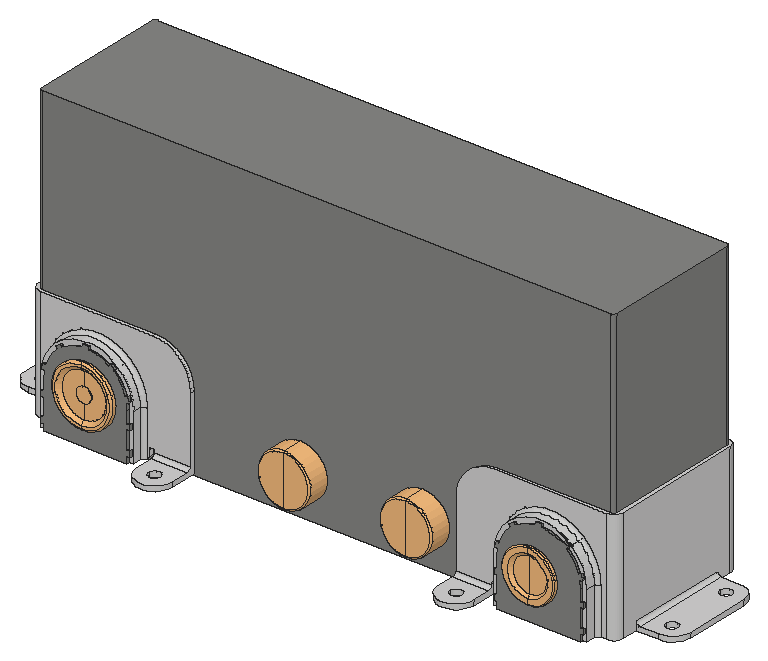
Revit family "Valve-Three_Outlet_Thermostatic-KOHLER-K-26341_1", category Plumbing Fixtures, host Face, Revit 2017
Family settings
  Host = Face
  Round Connector Dimension = Use Diameter
  Part Type = Normal
  OmniClass Number = 23.27.31.00
  OmniClass Title = Valves
  Cut with Voids When Loaded = No
  Shared = No
  Room Calculation Point = No
Parameters (values of type "NA-Not Applicable")
  Width = 13 245/256"  # constant formula
  WaterSense Certified = 1 = 0  # no
  Waste Connection = 1 = 0  # no
  Vent Connection = 1 = 0  # no
  Tempered Water Outlet Connector Up 3 [instance] = yes
  Tempered Water Outlet Connector Up 2 [instance] = yes
  Tempered Water Outlet Connector Up1 [instance] = yes
  Tempered Water Outlet 3 = "Tempered Water Outlet 3"  # constant formula
  Tempered Water Outlet 2 = "Tempered Water Outlet 2"  # constant formula
  Tempered Water Outlet 1 = "Tempered Water Outlet 1"  # constant formula
  URL = "https://www.us.kohler.com/us/"
  Type = 1
  Product Page URL = "http://www.us.kohler.com/us/catalog/productDetails.jsp?productId=26341"
  Product Name = ""
  Product Documentation Link = "https://www.us.kohler.com/webassets/kpna/catalog/pdf/en/K-26341_spec.pdf"
  Pressure = 0.00 psi
  Model = "K-26341-NA"  # constant formula
  Material = "Plastic"  # constant formula
  Master Format 2014 Name = "Control Valves"  # constant formula
  Master Format 2014 = "23 09 13.33"  # constant formula
  Manufacturer Address = "444 Highland Dr, Kohler, WI 53044"  # constant formula
  Manufacturer = "KOHLER Co."  # constant formula
  Length = 6 13/128"  # constant formula
  Hot Water Inlet = "Hot Water Inlet"  # constant formula
  Height = 4 113/128"  # constant formula
  HW Connection = 1 = 1  # yes
  Flow Rate = 1.75 GPM  # constant formula
  Finish = Kohler-Plastic-58-Thunder_Grey
  Environmental Product Declaration = ""
  Description = "Recessed thermostatic valve-3-outlet"  # constant formula
  Default Elevation = 42"
  Declare Label = ""
  Date Modified = "02/10/2021"  # constant formula
  Date Created = "02/10/2021"  # constant formula
  Copyright = "Copyright KOHLER Co."  # constant formula
  Contact Us = "https://www.us.kohler.com/us/static/contact.jsp"
  Cold Water Inlet = "Cold Water Inlet"  # constant formula
  CW Connection = 1 = 1  # yes
  Tempered Water Outlet Connector Down 3 [instance] = not(Tempered Water Outlet Connector Up 3)  # no
  Tempered Water Outlet Connector Down 2 [instance] = not(Tempered Water Outlet Connector Up 2)  # no
  Tempered Water Outlet Connector Down 1 [instance] = not(Tempered Water Outlet Connector Up1)  # no
  Assembly Code = "D2020"
  ADA Compliant = 1 = 0  # no
Reference planes (in)
  plane 1 "Center (Front/Back)": y = 0
  plane 2: z = 0
  plane 3 "Center (Left/Right)": x = 0
  plane 4: y = 2.44094
  plane 5: y = -2.44188
  plane 6: y = 1.98819
  plane 7: y = -1.98819
  plane 8: z = 0
  plane 9: z = -5.21654
  plane 10: z = -5.11811
  plane 11: x = -6.97835
  plane 12: x = 6.97868
  plane 13: x = 4.57677
  plane 14: x = 2.01772
  plane 15: x = -4.76867
  plane 16: y = -1.51575
  plane 17: y = 1.51575
  plane 18: x = -0.54134
  plane 19: z = -6.10156
  plane 20: x = -3.15945
  plane 21: x = 3.15944
  plane 22: y = 0.70866
  plane 23: y = -0.70866
  plane 24: x = -6.60433
  plane 25: x = 6.60433
  plane 26: x = -6.13189
  plane 27: x = 6.13189
  plane 28: y = 1.59449
  plane 29: y = -1.59449
Forms (in)
  Extrusion 1, void
    sketch origin (0, 0, 0) x (1, 0, 0) y (0, 1, 0)
      loop
        line (-6.13189, 1.59449) -> (-6.13189, -1.59449) -> (6.13189, -1.59449) -> (6.13189, 1.59449) -> (-6.13189, 1.59449)
    from -6.10236 to 3.05757
  Extrusion 2, void
    sketch origin (0, 0, 0) x (1, 0, 0) y (0, 0, 1)
      loop
        line (-6.97835, -6.25784) -> (6.97835, -6.25784) -> (6.97835, -3.72047) -> (-6.97835, -3.72047) -> (-6.97835, -6.25784)
    from -2.44094 to 2.44094
Dimensions and locks (in)
  locked: plane 17 to plane 16 at 3.0315
  locked: plane 6 to plane 7 at 3.97638
  "Length": level to plane 19
  locked: plane 10 to plane 19 at 0.98345
  locked: plane 9 to plane 19 at 0.88503
  "Width": plane 11 to plane 12
  locked: plane 20 to plane 21 at 6.31889
  locked: plane 22 to plane 23 at 1.41732
  "Height": plane 4 to plane 5
  plane 20 to plane 21 = 6.31889"
  plane 22 to plane 23 = 1.41732"
  aligned and locked: plane 2 to host face
  aligned and locked: level to host face
  aligned and locked: plane 1 "Center (Front/Back)" to nested 1
  aligned and locked: plane 3 "Center (Left/Right)" to nested 1
  aligned and locked: plane 8 to nested 1
  aligned and locked: plane 19 to nested 1
Automatic sketch dimensions
  host sketch curve to host sketch curve = 96"  (x2)
  plane 16 to Extrusion 1 sketch curve = 0.07874"
  Extrusion 1 sketch curve to plane 11 = 0.84646"
  Extrusion 1 sketch curve to plane 12 = 0.8468"
  plane 17 to Extrusion 1 sketch curve = 0.07874"
  plane 11 to Extrusion 2 sketch curve = 0"
  Extrusion 2 sketch curve to plane 12 = 0.00034"
  Extrusion 2 sketch curve to plane 19 = 0.15628"
  plane 19 to Extrusion 2 sketch curve = 2.38109"
Nested families (in)
  nested 1: "K-26341" at (0, 0, -6.10236), type "K-26341"
Connectors (in)
  piping at (-4.76867, -1.90938, -5.11811), diameter 0.75, driven by "Flow Rate", driven by "HW Connection", driven by "Hot Water Inlet"
    settings: on nested 1, index 1, connector inside diameter 24", connector length 0", flow factor 0, pipe flow 1.75 GPM, pressure drop 0.00 psi, fitting loss kfactor 0, connector angle 0.00°, fixture units 0, engagement length 0", angle of deflection 0.00°, flow configuration 1, flow direction 1, fitting loss method 0, system type 19, joint type 0, gender type 0, connector reference index -1, connector utility 1, adjustable connector no, is connector primary yes, connector description "Hot Water Inlet"
  piping at (-4.76867, 1.90938, -5.11811), diameter 0.75, driven by "Flow Rate", driven by "CW Connection", driven by "Cold Water Inlet"
    settings: on nested 1, index 2, connector inside diameter 24", connector length 0", flow factor 0, pipe flow 1.75 GPM, pressure drop 0.00 psi, fitting loss kfactor 0, connector angle 0.00°, fixture units 0, engagement length 0", angle of deflection 0.00°, flow configuration 1, flow direction 1, fitting loss method 0, system type 20, joint type 0, gender type 0, connector reference index -1, connector utility 1, adjustable connector no, is connector primary no, connector description "Cold Water Inlet"
  piping at (-0.54134, 1.9685, -5.21654), diameter 0.5, driven by "Flow Rate", driven by "HW Connection", driven by "Tempered Water Outlet 1"
    settings: on nested 1, index 3, connector inside diameter 24", connector length 0", flow factor 0, pipe flow 1.75 GPM, pressure drop 0.00 psi, fitting loss kfactor 0, connector angle 0.00°, fixture units 0, engagement length 0", angle of deflection 0.00°, flow configuration 1, flow direction 2, fitting loss method 0, system type 19, joint type 0, gender type 0, connector reference index -1, connector utility 1, adjustable connector no, is connector primary no, connector description "Tempered Water Outlet 1"
  piping at (2.01772, 1.9685, -5.21654), diameter 0.5, driven by "Flow Rate", driven by "HW Connection", driven by "Tempered Water Outlet 2"
    settings: on nested 1, index 4, connector inside diameter 24", connector length 0", flow factor 0, pipe flow 1.75 GPM, pressure drop 0.00 psi, fitting loss kfactor 0, connector angle 0.00°, fixture units 0, engagement length 0", angle of deflection 0.00°, flow configuration 1, flow direction 2, fitting loss method 0, system type 19, joint type 0, gender type 0, connector reference index -1, connector utility 1, adjustable connector no, is connector primary no, connector description "Tempered Water Outlet 2"
  piping at (4.57677, 1.90938, -5.21654), diameter 0.5, driven by "Flow Rate", driven by "HW Connection", driven by "Tempered Water Outlet 3"
    settings: on nested 1, index 5, connector inside diameter 24", connector length 0", flow factor 0, pipe flow 1.75 GPM, pressure drop 0.00 psi, fitting loss kfactor 0, connector angle 0.00°, fixture units 0, engagement length 0", angle of deflection 0.00°, flow configuration 1, flow direction 2, fitting loss method 0, system type 19, joint type 0, gender type 0, connector reference index -1, connector utility 1, adjustable connector no, is connector primary no, connector description "Tempered Water Outlet 3"
Definition of nested family "K-26341"
  Parameters (values of type "K-26341")
    Top Connector 3 = no
    Top Connector 2 = no
    Top Connector 1 = no
    Material = none
    Connector1 Angel = if(Top Connector 1, 0.00°, 180.00°)  # 180.00°
    Connector 3 Dist. = if(Top Connector 3, 0", 3.0315")  # 3.0315"
    Connector 3 Angle = if(Top Connector 3, 0.00°, 180.00°)  # 180.00°
    Connector 2 Dist. = if(Top Connector 2, 3.0315", 0")  # 0"
    Connector 2 Angel = if(Top Connector 2, 0.00°, 180.00°)  # 180.00°
    Connector 1 Dist. = if(Top Connector 1, 0", 3.0315")  # 3.0315"
    Bottom Connetor 3 = not(Top Connector 3)  # yes
    Bottom Connector 2 = not(Top Connector 2)  # yes
    Bottom Connector 1 = not(Top Connector 1)  # yes
  Reference planes (in)
    plane 1 "Center (Front/Back)": y = 0
    plane 2: z = 0
    plane 3 "Center (Left/Right)": x = 0
    plane 4: x = -6.97835
    plane 5: y = 2.44094
    plane 6: y = -2.44094
    plane 7: z = 6.10236
    plane 8 "2": x = 4.57677
    plane 9 "1": x = -4.76867
    plane 10: z = 0.98425
    plane 11 "A": z = 0.88583
    plane 12: y = 1.98819
    plane 13: y = -1.98819
    plane 14: x = -3.15945
    plane 15: y = 1.51575
    plane 16: y = -1.51575
    plane 17: x = 3.15944
    plane 18 "3": x = 2.01772
    plane 19: x = 6.97835
    plane 20: x = -0.54134
    plane 21 "c1": y = -1.51575
    plane 22 "C2": y = -1.51575
    plane 23 "c3": y = -1.51575
    plane 24: z = 0
    plane 25: y = 0.70866
    plane 26: y = -0.70866
    plane 27: x = -6.60433
    plane 28: x = 6.60433
    plane 29: y = 1.59449
    plane 30: y = -1.59449
    plane 31: x = -6.13189
    plane 32: x = 6.13189
  Forms (in)
    Extrusion 1, solid, material <- "Material", detail levels medium+fine
      sketch origin (0, 0, 0) x (1, 0, 0) y (0, 1, 0)
        loop
          line (5.95472, 1.51575) -> (-5.95472, 1.51575)
          arc (-5.95472, 1.51575) -> (-6.0104, 1.49269) -> (-6.03346, 1.43701) r 0.07874
          line (-6.03346, 1.43701) -> (-6.03346, -1.43701)
          arc (-6.03346, -1.43701) -> (-6.0104, -1.49269) -> (-5.95472, -1.51575) r 0.07874
          line (-5.95472, -1.51575) -> (5.95472, -1.51575)
          arc (5.95472, -1.51575) -> (6.0104, -1.49269) -> (6.03346, -1.43701) r 0.07874
          line (6.03346, -1.43701) -> (6.03346, 1.43701)
          arc (6.03346, 1.43701) -> (6.0104, 1.49269) -> (5.95472, 1.51575) r 0.07874
      from 0 to 6.10236
    Extrusion 2, solid, detail levels medium+fine
      sketch origin (0, 0, 0) x (1, 0, 0) y (0, 0, 1)
        loop
          line (-3.57283, 2.38189) -> (-6.13189, 2.38189) -> (-6.13189, 0.01969) -> (-3.70276, 0.01969)
          arc (-3.70276, 0.01969) -> (-3.66657, 0.03468) -> (-3.65157, 0.07087) r 0.05118
          line (-3.65157, 0.07087) -> (-3.65157, 0.2165)
          arc (-3.65157, 0.2165) -> (-3.59252, 0.27556) -> (-3.53346, 0.2165) r 0.05906
          line (-3.53346, 0.2165) -> (-3.53346, 0.01969) -> (-2.78543, 0.01969) -> (-2.78543, 1.59449)
          arc (-2.78543, 1.59449) -> (-3.01606, 2.15127) -> (-3.57283, 2.38189) r 0.7874
        loop
          arc (3.57283, 2.38189) -> (3.01606, 2.15127) -> (2.78543, 1.59449) r 0.7874
          line (2.78543, 1.59449) -> (2.78543, 0.01969) -> (3.53346, 0.01969) -> (3.53346, 0.2165)
          arc (3.53346, 0.2165) -> (3.59252, 0.27556) -> (3.65157, 0.2165) r 0.05906
          line (3.65157, 0.2165) -> (3.65157, 0.07087)
          arc (3.65157, 0.07087) -> (3.66657, 0.03468) -> (3.70276, 0.01969) r 0.05118
          line (3.70276, 0.01969) -> (6.13189, 0.01969) -> (6.13189, 2.38189) -> (3.57283, 2.38189)
      from -1.59449 to 1.59449
    Sweep 3, void
      path in 3D
        loop
          line (-6.13189, -1.59449, 2.38189) -> (-6.13189, -1.59449, 0.01969)
      profile origin (-6.13189, -1.59449, 1.20079) x (-1, 0, 0) y (0, -1, 0)
        loop
          line (0, -0.19685) -> (0, 0) -> (-0.19685, 0)
          arc (-0.19685, 0) -> (-0.05766, -0.05766) -> (0, -0.19685) r 0.19685
    Sweep 4, void
      path in 3D
        loop
          line (-6.13189, 1.59449, 2.38189) -> (-6.13189, 1.59449, 0.01969)
      profile origin (-6.13189, 1.59449, 1.20079) x (-1, 0, 0) y (0, -1, 0)
        loop
          arc (0, 0.19685) -> (-0.05766, 0.05766) -> (-0.19685, 0) r 0.19685
          line (-0.19685, 0) -> (0, 0) -> (0, 0.19685)
    Sweep 5, void
      path in 3D
        loop
          line (6.13189, -1.59449, 2.38189) -> (6.13189, -1.59449, 0.01969)
      profile origin (6.13189, -1.59449, 1.20079) x (1, 0, 0) y (0, 1, 0)
        loop
          arc (0, 0.19685) -> (-0.05766, 0.05766) -> (-0.19685, 0) r 0.19685
          line (-0.19685, 0) -> (0, 0) -> (0, 0.19685)
    Sweep 6, void
      path in 3D
        loop
          line (6.13189, 1.59449, 2.38189) -> (6.13189, 1.59449, 0.01969)
      profile origin (6.13189, 1.59449, 1.20079) x (1, 0, 0) y (0, 1, 0)
        loop
          line (0, -0.19685) -> (0, 0) -> (-0.19685, 0)
          arc (-0.19685, 0) -> (-0.05766, -0.05766) -> (0, -0.19685) r 0.19685
    Extrusion 7, solid, detail levels medium+fine
      sketch origin (0, 0, 0) x (1, 0, 0) y (0, 1, 0)
        loop
          line (-6.13189, 1.06299) -> (-6.60433, 1.06299)
          arc (-6.60433, 1.06299) -> (-6.8688, 0.95345) -> (-6.97835, 0.68898) r 0.37402
          line (-6.97835, 0.68898) -> (-6.97835, -0.68898)
          arc (-6.97835, -0.68898) -> (-6.8688, -0.95345) -> (-6.60433, -1.06299) r 0.37402
          line (-6.60433, -1.06299) -> (-6.13189, -1.06299) -> (-6.13189, 1.06299)
        loop
          line (6.13189, 1.06299) -> (6.13189, -1.06299) -> (6.60433, -1.06299)
          arc (6.60433, -1.06299) -> (6.8688, -0.95345) -> (6.97835, -0.68898) r 0.37402
          line (6.97835, -0.68898) -> (6.97835, 0.68898)
          arc (6.97835, 0.68898) -> (6.8688, 0.95345) -> (6.60433, 1.06299) r 0.37402
          line (6.60433, 1.06299) -> (6.13189, 1.06299)
        loop
          circle (-6.60433, 0.70866) r 0.12598
        loop
          circle (-6.60433, -0.70866) r 0.12598
        loop
          circle (6.60433, 0.70866) r 0.12598
        loop
          circle (6.60433, -0.70866) r 0.12598
        loop
          arc (-3.53346, -2.06693) -> (-3.15945, -2.44094) -> (-2.78544, -2.06693) r 0.37401
          line (-2.78544, -2.06693) -> (-2.78544, -1.59449) -> (-3.53346, -1.59449) -> (-3.53346, -2.06693)
        loop
          line (3.53346, -2.06693) -> (3.53346, -1.59449) -> (2.78544, -1.59449) -> (2.78544, -2.06693)
          arc (2.78544, -2.06693) -> (3.15945, -2.44094) -> (3.53346, -2.06693) r 0.37401
        loop
          line (-3.53346, 2.06693) -> (-3.53346, 1.59449) -> (-2.78544, 1.59449) -> (-2.78544, 2.06693)
          arc (-2.78544, 2.06693) -> (-3.15945, 2.44094) -> (-3.53346, 2.06693) r 0.37401
        loop
          arc (3.53346, 2.06693) -> (3.15945, 2.44094) -> (2.78544, 2.06693) r 0.37401
          line (2.78544, 2.06693) -> (2.78544, 1.59449) -> (3.53346, 1.59449) -> (3.53346, 2.06693)
        loop
          circle (-3.15945, -2.06693) r 0.12598
        loop
          circle (3.15945, -2.06693) r 0.12598
        loop
          circle (-3.15945, 2.06693) r 0.12598
        loop
          circle (3.15945, 2.06693) r 0.12598
      from 0.01969 to 0.11811
    Extrusion 8, solid, detail levels medium+fine
      sketch origin (1.27953, 0, 0) x (1, 0, 0) y (0, 0, 1)
        loop
          line (-5.05906, 0.01969) -> (-5.05906, 0.98689)
          arc (-5.05906, 0.98689) -> (-6.03346, 1.9613) -> (-7.00787, 0.98689) r 0.97441
          line (-7.00787, 0.98689) -> (-7.00787, 0.01969) -> (-5.05906, 0.01969)
        loop
          line (2.5, 0.99085) -> (2.5, 0.01969) -> (4.44882, 0.01969) -> (4.44882, 0.99085)
          arc (4.44882, 0.99085) -> (3.47441, 1.96526) -> (2.5, 0.99085) r 0.97441
      from -1.85039 to 1.85039
    Extrusion 9, solid, material <- "Material", detail levels medium+fine
      sketch origin (-1.27953, 0, 0) x (1, 0, 0) y (0, 0, 1)
        loop
          line (-4.35039, 0.62992) -> (-4.35039, 0.25591) -> (-4.40945, 0.25591) -> (-4.40945, 0.1378) -> (-4.35039, 0.1378) -> (-4.35039, 0) -> (-2.59843, 0) -> (-2.59843, 0.1378) -> (-2.53937, 0.1378) -> (-2.53937, 0.25591) -> (-2.59843, 0.25591) -> (-2.59843, 0.62992) -> (-2.53937, 0.62992) -> (-2.53937, 0.74803) -> (-2.59843, 0.74803) -> (-2.59843, 0.98425)
          arc (-2.59843, 0.98425) -> (-2.60185, 1.06162) -> (-2.61209, 1.13839) r 0.87598
          line (-2.61209, 1.13839) -> (-2.55467, 1.15271) -> (-2.58324, 1.26731) -> (-2.64067, 1.25299)
          arc (-2.64067, 1.25299) -> (-2.73975, 1.46135) -> (-2.88979, 1.63661) r 0.87598
          line (-2.88979, 1.63661) -> (-2.85335, 1.68324) -> (-2.94643, 1.75596) -> (-2.98286, 1.70932)
          arc (-2.98286, 1.70932) -> (-3.18922, 1.81251) -> (-3.41535, 1.85824) r 0.87598
          line (-3.41535, 1.85824) -> (-3.41535, 1.91742) -> (-3.53346, 1.91742) -> (-3.53346, 1.85824)
          arc (-3.53346, 1.85824) -> (-3.7596, 1.81251) -> (-3.96596, 1.70932) r 0.87598
          line (-3.96596, 1.70932) -> (-4.00239, 1.75596) -> (-4.09546, 1.68324) -> (-4.05903, 1.63661)
          arc (-4.05903, 1.63661) -> (-4.20907, 1.46135) -> (-4.30815, 1.25299) r 0.87598
          line (-4.30815, 1.25299) -> (-4.36558, 1.26731) -> (-4.39415, 1.15271) -> (-4.33673, 1.13839)
          arc (-4.33673, 1.13839) -> (-4.34697, 1.06162) -> (-4.35039, 0.98425) r 0.87598
          line (-4.35039, 0.98425) -> (-4.35039, 0.74803) -> (-4.40945, 0.74803) -> (-4.40945, 0.62992) -> (-4.35039, 0.62992)
        loop
          line (5.15748, 0.62992) -> (5.15748, 0.25591) -> (5.09843, 0.25591) -> (5.09843, 0.1378) -> (5.15748, 0.1378) -> (5.15748, 0) -> (6.90945, 0) -> (6.90945, 0.1378) -> (6.9685, 0.1378) -> (6.9685, 0.25591) -> (6.90945, 0.25591) -> (6.90945, 0.62992) -> (6.9685, 0.62992) -> (6.9685, 0.74803) -> (6.90945, 0.74803) -> (6.90945, 0.98425)
          arc (6.90945, 0.98425) -> (6.90603, 1.06162) -> (6.89578, 1.13839) r 0.87598
          line (6.89578, 1.13839) -> (6.9532, 1.15271) -> (6.92463, 1.26731) -> (6.86721, 1.25299)
          arc (6.86721, 1.25299) -> (6.76813, 1.46135) -> (6.61808, 1.63661) r 0.87598
          line (6.61808, 1.63661) -> (6.65452, 1.68324) -> (6.56145, 1.75596) -> (6.52501, 1.70932)
          arc (6.52501, 1.70932) -> (6.31866, 1.81251) -> (6.09252, 1.85824) r 0.87598
          line (6.09252, 1.85824) -> (6.09252, 1.91742) -> (5.97441, 1.91742) -> (5.97441, 1.85824)
          arc (5.97441, 1.85824) -> (5.74827, 1.81251) -> (5.54192, 1.70932) r 0.87598
          line (5.54192, 1.70932) -> (5.50548, 1.75596) -> (5.41241, 1.68324) -> (5.44885, 1.63661)
          arc (5.44885, 1.63661) -> (5.2988, 1.46135) -> (5.19972, 1.25299) r 0.87598
          line (5.19972, 1.25299) -> (5.1423, 1.26731) -> (5.11372, 1.15271) -> (5.17115, 1.13839)
          arc (5.17115, 1.13839) -> (5.1609, 1.06162) -> (5.15748, 0.98425) r 0.87598
          line (5.15748, 0.98425) -> (5.15748, 0.74803) -> (5.09843, 0.74803) -> (5.09843, 0.62992) -> (5.15748, 0.62992)
        loop
          circle (-3.48914, 0.98425) r 0.54335
        loop
          circle (5.8563, 0.88583) r 0.41841
      from -1.92913 to 1.88976
    Revolve 10, solid, detail levels medium+fine
      sketch origin (-4.76867, 0, 0) x (0, 0, 1) y (0, -1, 0)
        loop
          line (1.5276, -1.98819) -> (1.58464, -1.98819) -> (1.62406, -1.94877) -> (1.62406, -1.51575) -> (0.98425, -1.51575) -> (0.98425, -1.90938) -> (1.44879, -1.90938) -> (1.5276, -1.98819)
        loop
          line (1.5276, 1.98819) -> (1.44879, 1.90938) -> (0.98425, 1.90938) -> (0.98425, 1.51575) -> (1.62406, 1.51575) -> (1.62406, 1.94877) -> (1.58464, 1.98819) -> (1.5276, 1.98819)
        axis (0.98425, -1.98819) -> (0.98425, 1.98819)
      angle from 0 to 360
    Revolve 11, solid, detail levels medium+fine
      sketch origin (4.57677, 0, 0) x (0, 0, -1) y (0, -1, 0)
        loop
          line (-1.43701, 1.94331) -> (-1.43701, 1.61417) -> (-0.88583, 1.61417) -> (-0.88583, 1.90938) -> (-1.24512, 1.90938) -> (-1.30424, 1.9685) -> (-1.41732, 1.9685) -> (-1.43701, 1.94331)
        loop
          line (-1.43701, -1.94331) -> (-1.41732, -1.9685) -> (-1.30424, -1.9685) -> (-1.24512, -1.90938) -> (-0.88583, -1.90938) -> (-0.88583, -1.61417) -> (-1.43701, -1.61417) -> (-1.43701, -1.94331)
        axis (-0.88583, 1.9685) -> (-0.88583, -1.9685)
      angle from 0 to 360
    Sweep 12, solid, detail levels medium+fine
      path in 3D
        loop
          line (3.77953, 1.59449, 0.01969) -> (3.77953, 1.59449, 0.99085)
          arc (3.77953, 1.59449, 0.99085) -> (4.75394, 1.59449, 1.96526) -> (5.72835, 1.59449, 0.99085) r 0.97441
          line (5.72835, 1.59449, 0.99085) -> (5.72835, 1.59449, 0.01969)
      profile origin (3.77953, 1.59449, 0.50527) x (0, 1, 0) y (-1, 0, 0)
        loop
          arc (0.07874, 0) -> (0.02306, 0.02306) -> (0, 0.07874) r 0.07874
          line (0, 0.07874) -> (0, 0) -> (0.07874, 0)
    Sweep 13, solid, detail levels medium+fine
      path in 3D
        loop
          line (-5.72835, -1.59449, 0.01969) -> (-5.72835, -1.59449, 0.99085)
          arc (-5.72835, -1.59449, 0.99085) -> (-4.75394, -1.59449, 1.96526) -> (-3.77953, -1.59449, 0.99085) r 0.97441
          line (-3.77953, -1.59449, 0.99085) -> (-3.77953, -1.59449, 0.01969)
      profile origin (-5.72835, -1.59449, 0.50527) x (0, 1, 0) y (-1, 0, 0)
        loop
          line (-0.07874, 0) -> (0, 0) -> (0, 0.07874)
          arc (0, 0.07874) -> (-0.02306, 0.02306) -> (-0.07874, 0) r 0.07874
    Sweep 14, solid, detail levels medium+fine
      path in 3D
        loop
          line (-5.72835, 1.59449, 0.01969) -> (-5.72835, 1.59449, 0.99085)
          arc (-5.72835, 1.59449, 0.99085) -> (-4.75394, 1.59449, 1.96526) -> (-3.77953, 1.59449, 0.99085) r 0.97441
          line (-3.77953, 1.59449, 0.99085) -> (-3.77953, 1.59449, 0.01969)
      profile origin (-5.72835, 1.59449, 0.50527) x (0, 1, 0) y (-1, 0, 0)
        loop
          arc (0.07874, 0) -> (0.02306, 0.02306) -> (0, 0.07874) r 0.07874
          line (0, 0.07874) -> (0, 0) -> (0.07874, 0)
    Extrusion 15, solid, detail levels medium+fine
      sketch origin (0, 0, 0) x (0, 1, 0) y (0, 0, 1)
        loop
          line (-1.67323, 0.11811) -> (-1.59449, 0.11811) -> (-1.59449, 0.19685)
          arc (-1.59449, 0.19685) -> (-1.61755, 0.14117) -> (-1.67323, 0.11811) r 0.07874
        loop
          arc (1.67323, 0.11811) -> (1.61755, 0.14117) -> (1.59449, 0.19685) r 0.07874
          line (1.59449, 0.19685) -> (1.59449, 0.11811) -> (1.67323, 0.11811)
      from 2.78543 to 3.53346
    Extrusion 16, solid, detail levels medium+fine
      sketch origin (0, 0, 0) x (0, 1, 0) y (0, 0, 1)
        loop
          line (-1.67323, 0.11811) -> (-1.59449, 0.11811) -> (-1.59449, 0.19685)
          arc (-1.59449, 0.19685) -> (-1.61755, 0.14117) -> (-1.67323, 0.11811) r 0.07874
        loop
          arc (1.67323, 0.11811) -> (1.61755, 0.14117) -> (1.59449, 0.19685) r 0.07874
          line (1.59449, 0.19685) -> (1.59449, 0.11811) -> (1.67323, 0.11811)
      from -3.53346 to -2.78543
    Extrusion 17, solid, material <- "Material", detail levels coarse
      sketch origin (0, 0, 0) x (1, 0, 0) y (0, 1, 0)
        loop
          line (6.03346, 1.51575) -> (-6.03346, 1.51575) -> (-6.03346, -1.51575) -> (6.03346, -1.51575) -> (6.03346, 1.51575)
      from 0 to 6.10236
    Extrusion 18, solid, material <- "Material", detail levels coarse
      sketch origin (-1.27953, 0, 0) x (1, 0, 0) y (0, 0, 1)
        loop
          line (-2.59843, 0) -> (-2.59843, 0.9897)
          arc (-2.59843, 0.9897) -> (-3.47441, 1.86569) -> (-4.35039, 0.9897) r 0.87598
          line (-4.35039, 0.9897) -> (-4.35039, 0) -> (-2.59843, 0)
        loop
          line (6.90945, 0) -> (6.90945, 0.9897)
          arc (6.90945, 0.9897) -> (6.03346, 1.86569) -> (5.15748, 0.9897) r 0.87598
          line (5.15748, 0.9897) -> (5.15748, 0) -> (6.90945, 0)
      from -1.92913 to 1.88976
    Extrusion 19, solid, detail levels coarse
      sketch origin (0, 0, 0) x (1, 0, 0) y (0, 1, 0)
        loop
          line (6.13189, 1.59449) -> (2.78543, 1.59449) -> (2.78543, 1.51575) -> (6.03346, 1.51575) -> (6.03346, -1.51575) -> (2.78543, -1.51575) -> (2.78543, -1.59449) -> (6.13189, -1.59449) -> (6.13189, 1.59449)
        loop
          line (-6.13189, 1.59449) -> (-6.13189, -1.59449) -> (-2.78543, -1.59449) -> (-2.78543, -1.51575) -> (-6.03346, -1.51575) -> (-6.03346, 1.51575) -> (-2.78543, 1.51575) -> (-2.78543, 1.59449) -> (-6.13189, 1.59449)
      from 0 to 2.38189
    Extrusion 20, solid, detail levels coarse
      sketch origin (0, 0, 0) x (1, 0, 0) y (0, 1, 0)
        loop
          line (-6.97835, -1.06299) -> (-6.13189, -1.06299) -> (-6.13189, 1.06299) -> (-6.97835, 1.06299) -> (-6.97835, -1.06299)
        loop
          line (-3.53346, 1.59449) -> (-2.78542, 1.59449) -> (-2.78542, 2.44094) -> (-3.53346, 2.44094) -> (-3.53346, 1.59449)
        loop
          line (2.78544, 1.59449) -> (3.53346, 1.59449) -> (3.53346, 2.44094) -> (2.78544, 2.44094) -> (2.78544, 1.59449)
        loop
          line (-3.53346, -1.59449) -> (-3.53346, -2.44094) -> (-2.78542, -2.44094) -> (-2.78542, -1.59449) -> (-3.53346, -1.59449)
        loop
          line (2.78544, -1.59449) -> (2.78544, -2.44094) -> (3.53346, -2.44094) -> (3.53346, -1.59449) -> (2.78544, -1.59449)
        loop
          line (6.97835, -1.06299) -> (6.97835, 1.06299) -> (6.13189, 1.06299) -> (6.13189, -1.06299) -> (6.97835, -1.06299)
        loop
          circle (-6.60433, 0.70866) r 0.12598
        loop
          circle (-6.60433, -0.70866) r 0.12598
        loop
          circle (-3.15944, 2.06693) r 0.12598
        loop
          circle (3.15946, 2.06693) r 0.12598
        loop
          circle (6.60433, 0.70866) r 0.12598
        loop
          circle (6.60433, -0.70866) r 0.12598
        loop
          circle (-3.15944, -2.06693) r 0.12598
        loop
          circle (3.15946, -2.06693) r 0.12598
      from 0.01969 to 0.11811
    Extrusion 21, solid, detail levels medium+fine
      sketch origin (-1.27953, 0, 0) x (1, 0, 0) y (0, 0, 1)
        loop
          circle (-3.48914, 0.98425) r 0.15748
      from -1.90938 to 1.90938
    Extrusion 22, solid, detail levels coarse
      sketch origin (1.27953, 0, 0) x (1, 0, 0) y (0, 0, 1)
        loop
          circle (-6.0482, 0.98425) r 0.63981
        loop
          circle (3.29724, 0.88583) r 0.55118
      from -1.98819 to 1.98819
    Extrusion 23, solid, detail levels medium+fine
      sketch origin (0, 0, 0) x (1, 0, 0) y (0, 0, 1)
        loop
          line (-6.13189, 0.11811) -> (-6.13189, 0.19685)
          arc (-6.13189, 0.19685) -> (-6.15495, 0.14117) -> (-6.21063, 0.11811) r 0.07874
          line (-6.21063, 0.11811) -> (-6.13189, 0.11811)
        loop
          line (6.13189, 0.11811) -> (6.21063, 0.11811)
          arc (6.21063, 0.11811) -> (6.15495, 0.14117) -> (6.13189, 0.19685) r 0.07874
          line (6.13189, 0.19685) -> (6.13189, 0.11811)
      from -1.06299 to 1.06299
    Revolve 24, solid, detail levels medium+fine
      sketch origin (2.01772, 0, 0) x (0, 0, -1) y (0, -1, 0)
        loop
          line (-0.88583, 1.9685) -> (-1.40868, 1.9685) -> (-1.43701, 1.94018) -> (-1.43701, 1.51575) -> (-0.88583, 1.51575) -> (-0.88583, 1.9685)
        loop
          line (-0.88583, -1.9685) -> (-0.88583, -1.51575) -> (-1.43701, -1.51575) -> (-1.43701, -1.94018) -> (-1.40868, -1.9685) -> (-0.88583, -1.9685)
        axis (-0.88583, 1.9685) -> (-0.88583, -1.9685)
      angle from 0 to 360
    Sweep 25, solid, detail levels medium+fine
      path in 3D
        loop
          line (3.77953, -1.59449, 0.01969) -> (3.77953, -1.59449, 0.99085)
          arc (3.77953, -1.59449, 0.99085) -> (4.75394, -1.59449, 1.96526) -> (5.72835, -1.59449, 0.99085) r 0.97441
          line (5.72835, -1.59449, 0.99085) -> (5.72835, -1.59449, 0.01969)
      profile origin (3.77953, -1.59449, 0.50527) x (0, 1, 0) y (-1, 0, 0)
        loop
          line (-0.07874, 0) -> (0, 0) -> (0, 0.07874)
          arc (0, 0.07874) -> (-0.02306, 0.02306) -> (-0.07874, 0) r 0.07874
    Extrusion 26, solid, detail levels coarse
      sketch origin (0, 0, 0) x (1, 0, 0) y (0, 0, 1)
        loop
          circle (2.01772, 0.88583) r 0.55118
        loop
          circle (-0.54134, 0.88583) r 0.55118
      from -1.9685 to 1.9685
    Revolve 27, solid, detail levels medium+fine
      sketch origin (-0.54134, 0, 0) x (0, 0, -1) y (0, -1, 0)
        loop
          line (-0.88583, 1.9685) -> (-1.40868, 1.9685) -> (-1.43701, 1.94018) -> (-1.43701, 1.51575) -> (-0.88583, 1.51575) -> (-0.88583, 1.9685)
        loop
          line (-0.88583, -1.9685) -> (-0.88583, -1.51575) -> (-1.43701, -1.51575) -> (-1.43701, -1.94018) -> (-1.40868, -1.9685) -> (-0.88583, -1.9685)
        axis (-0.88583, 1.9685) -> (-0.88583, -1.9685)
      angle from 0 to 360
    Revolve 28, solid, detail levels medium+fine
      sketch origin (-0.54134, -2.69685, 0.88583) x (0, 1, 0) y (-1, 0, 0)
        loop
          line (0.72835, 0) -> (0.72835, -0.15748) -> (0.98013, -0.15748) -> (0.98013, 0) -> (0.72835, 0)
        axis (0.72835, 0) -> (0.98013, 0)
      angle from 0 to 360
    Revolve 29, solid, detail levels medium+fine
      sketch origin (2.01772, -2.8937, 0.88583) x (0, 1, 0) y (-1, 0, 0)
        loop
          line (0.9252, 0) -> (1.29589, 0) -> (1.29589, 0.15748) -> (0.9252, 0.15748) -> (0.9252, 0)
        axis (0.9252, 0) -> (1.29589, 0)
      angle from 0 to 360
    Revolve 30, solid, detail levels medium+fine
      sketch origin (4.57677, -2.15014, 0.88583) x (0, 1, 0) y (-1, 0, 0)
        loop
          line (0.24076, 0) -> (0.63446, 0) -> (0.63446, 0.15748) -> (0.24076, 0.15748) -> (0.24076, 0)
        axis (0.24076, 0) -> (0.63446, 0)
      angle from 0 to 360
  Cuts and joins
    joined: Extrusion 1, Extrusion 9
    joined: Revolve 10, Revolve 11, Revolve 24
    joined: Sweep 12, Sweep 13, Sweep 14
    Sweep 3, Sweep 4, Sweep 5, Sweep 6 cuts Extrusion 2
    joined: Extrusion 2, Extrusion 7, Extrusion 8, Extrusion 15, Extrusion 16, Extrusion 23
    joined: Extrusion 17, Extrusion 18
    joined: Extrusion 19, Extrusion 20
    joined: Extrusion 22, Extrusion 26
  Lines and regions (in)
    Masking region 1
      outline origin (0, 0, 0) x (1, 0, 0) y (0, 1, 0)
        loop
          line (-6.13189, 1.39764) -> (-6.13189, 0.16732) -> (-6.13189, -1.39764)
          arc (-6.13189, -1.39764) -> (-6.07423, -1.53683) -> (-5.93504, -1.59449) r 0.19685
          line (-5.93504, -1.59449) -> (0, -1.59449) -> (5.93504, -1.59449)
          arc (5.93504, -1.59449) -> (6.07423, -1.53683) -> (6.13189, -1.39764) r 0.19685
          line (6.13189, -1.39764) -> (6.13189, 0.09836) -> (6.13189, 1.39764)
          arc (6.13189, 1.39764) -> (6.07423, 1.53683) -> (5.93504, 1.59449) r 0.19685
          line (5.93504, 1.59449) -> (0, 1.59449) -> (-5.93504, 1.59449)
          arc (-5.93504, 1.59449) -> (-6.07423, 1.53683) -> (-6.13189, 1.39764) r 0.19685
    Masking region 2, detail levels medium+fine
      outline origin (0, 0, 0) x (1, 0, 0) y (0, 0, 1)
        loop
          line (-6.03346, 6.10236) -> (-6.03346, 2.38189) -> (-6.13189, 2.38189) -> (-6.13189, 0.19685)
          arc (-6.13189, 0.19685) -> (-6.15495, 0.14117) -> (-6.21063, 0.11811) r 0.07874
          line (-6.21063, 0.11811) -> (-6.97835, 0.11811) -> (-6.97835, 0.01969) -> (-6.05959, 0.01969) -> (-6.03346, 0) -> (6.03346, 0) -> (6.05959, 0.01969) -> (6.97835, 0.01969) -> (6.97835, 0.11811) -> (6.21063, 0.11811)
          arc (6.21063, 0.11811) -> (6.15495, 0.14117) -> (6.13189, 0.19685) r 0.07874
          line (6.13189, 0.19685) -> (6.13189, 2.38189) -> (6.03346, 2.38189) -> (6.03346, 6.10236) -> (-6.03346, 6.10236)
    Masking region 3
      outline origin (4.57677, 0, 0) x (0, 0, -1) y (0, -1, 0)
        loop
          line (-6.10236, -1.51575) -> (-2.38189, -1.51575) -> (-2.38189, -1.59449) -> (-2.044, -1.59449)
          arc (-2.044, -1.59449) -> (-1.98832, -1.61755) -> (-1.96526, -1.67323) r 0.07874
          line (-1.96526, -1.67323) -> (-1.96526, -1.85039) -> (-1.91742, -1.85039) -> (-1.91742, -1.92913) -> (-1.64369, -1.92913) -> (-1.58464, -1.98819) -> (-0.38387, -1.98819) -> (-0.35433, -1.9685) -> (-0.32357, -1.92913) -> (-0.11811, -1.92913) -> (-0.11811, -2.44094) -> (-0.01969, -2.44094) -> (-0.01969, -1.95526) -> (0, -1.92913) -> (0, 1.92913) -> (-0.01969, 1.95526) -> (-0.01969, 2.44094) -> (-0.11811, 2.44094) -> (-0.11811, 1.88976) -> (-0.33465, 1.88976) -> (-0.33465, 1.94331) -> (-0.38387, 1.98819) -> (-1.58464, 1.98819) -> (-1.62406, 1.94877) -> (-1.62406, 1.88976) -> (-1.91742, 1.88976) -> (-1.91742, 1.85039) -> (-1.96526, 1.85039) -> (-1.96526, 1.67323)
          arc (-1.96526, 1.67323) -> (-1.98832, 1.61755) -> (-2.044, 1.59449) r 0.07874
          line (-2.044, 1.59449) -> (-2.38189, 1.59449) -> (-2.38189, 1.51575) -> (-6.10236, 1.51575) -> (-6.10236, -1.51575)
    sketch lines
      curve 1: line (-6.13189, -1.59449, 2.38189) -> (-6.13189, -1.59449, 0.01969)
      curve 2: line (-6.13189, 1.59449, 2.38189) -> (-6.13189, 1.59449, 0.01969)
      curve 3: line (6.13189, -1.59449, 2.38189) -> (6.13189, -1.59449, 0.01969)
      curve 4: line (6.13189, 1.59449, 2.38189) -> (6.13189, 1.59449, 0.01969)
      curve 5: line (3.77953, 1.59449, 0.01969) -> (3.77953, 1.59449, 0.99085)
      curve 6: arc (5.72835, 1.59449, 0.99085) -> (4.75394, 1.59449, 1.96526) -> (3.77953, 1.59449, 0.99085) r 0.97441
      curve 7: line (5.72835, 1.59449, 0.99085) -> (5.72835, 1.59449, 0.01969)
      curve 8: line (-5.72835, -1.59449, 0.01969) -> (-5.72835, -1.59449, 0.99085)
      curve 9: arc (-3.77953, -1.59449, 0.99085) -> (-4.75394, -1.59449, 1.96526) -> (-5.72835, -1.59449, 0.99085) r 0.97441
      curve 10: line (-3.77953, -1.59449, 0.99085) -> (-3.77953, -1.59449, 0.01969)
      curve 11: line (-5.72835, 1.59449, 0.01969) -> (-5.72835, 1.59449, 0.99085)
      curve 12: arc (-3.77953, 1.59449, 0.99085) -> (-4.75394, 1.59449, 1.96526) -> (-5.72835, 1.59449, 0.99085) r 0.97441
      curve 13: line (-3.77953, 1.59449, 0.99085) -> (-3.77953, 1.59449, 0.01969)
      curve 201: line (3.77953, -1.59449, 0.01969) -> (3.77953, -1.59449, 0.99085)
      curve 202: arc (5.72835, -1.59449, 0.99085) -> (4.75394, -1.59449, 1.96526) -> (3.77953, -1.59449, 0.99085) r 0.97441
      curve 203: line (5.72835, -1.59449, 0.99085) -> (5.72835, -1.59449, 0.01969)
    symbolic lines, detail levels medium+fine
      curve 14: line (5.95472, 1.51575, 0) -> (-5.95472, 1.51575, 0)
      curve 15: arc (-5.95472, 1.51575, 0) -> (-6.0104, 1.49269, 0) -> (-6.03346, 1.43701, 0) r 0.07874
      curve 16: line (-6.03346, 1.43701, 0) -> (-6.03346, -1.43701, 0)
      curve 17: line (-5.95472, -1.51575, 0) -> (5.95472, -1.51575, 0)
      curve 18: arc (-6.03346, -1.43701, 0) -> (-6.0104, -1.49269, 0) -> (-5.95472, -1.51575, 0) r 0.07874
      curve 19: line (6.03346, -1.43701, 0) -> (6.03346, 1.43701, 0)
      curve 20: arc (6.03346, 1.43701, 0) -> (6.0104, 1.49269, 0) -> (5.95472, 1.51575, 0) r 0.07874
      curve 21: line (-3.57283, 0, 2.38189) -> (-6.13189, 0, 2.38189)
      curve 22: arc (-2.78543, 0, 1.59449) -> (-3.01606, 0, 2.15127) -> (-3.57283, 0, 2.38189) r 0.7874
      curve 23: line (-2.78543, 0, 0.01969) -> (-2.78543, 0, 1.59449)
      curve 24: arc (-3.65157, 0, 0.2165) -> (-3.59252, 0, 0.27556) -> (-3.53346, 0, 0.2165) r 0.05906
      curve 25: line (-3.53346, 0, 0.2165) -> (-3.53346, 0, 0.01969)
      curve 26: line (-3.65157, 0, 0.07087) -> (-3.65157, 0, 0.2165)
      curve 27: arc (-3.70276, 0, 0.01969) -> (-3.66657, 0, 0.03468) -> (-3.65157, 0, 0.07087) r 0.05118
      curve 28: line (-3.53346, 0, 0.01969) -> (-2.78543, 0, 0.01969)
      curve 29: line (-2.78543, 0, 0.11811) -> (-3.53346, 0, 0.11811)
      curve 30: line (-3.70276, 0, 0.01969) -> (-3.87795, 0, 0.01969)
      curve 31: line (-5.62992, 0, 0.01969) -> (-6.45504, 0, 0.01969)
      curve 32: arc (-4.76867, 0, 0.51971) -> (-5.23321, 0, 0.98425) -> (-4.76867, 0, 1.44879) r 0.46454
      curve 33: arc (-4.76867, 0, 0.4409) -> (-5.31202, 0, 0.98425) -> (-4.76867, 0, 1.5276) r 0.54335
      curve 34: arc (-4.76867, 0, 1.58464) -> (-5.36905, 0, 0.98425) -> (-4.76867, 0, 0.38387) r 0.60038
      curve 35: arc (-4.76867, 0, 1.62406) -> (-5.40848, 0, 0.98425) -> (-4.76867, 0, 0.34445) r 0.63981
      curve 36: arc (-4.76867, 0, 0.34445) -> (-4.12886, 0, 0.98425) -> (-4.76867, 0, 1.62406) r 0.63981
      curve 37: arc (-4.76867, 0, 0.38387) -> (-4.16829, 0, 0.98425) -> (-4.76867, 0, 1.58464) r 0.60038
      curve 38: arc (-4.76867, 0, 1.5276) -> (-4.22532, 0, 0.98425) -> (-4.76867, 0, 0.4409) r 0.54335
      curve 39: arc (-4.76867, 0, 1.44879) -> (-4.30413, 0, 0.98425) -> (-4.76867, 0, 0.51971) r 0.46454
      curve 40: line (-5.62992, 0, 0.1378) -> (-5.62992, 0, 0)
      curve 41: line (-5.68898, 0, 0.1378) -> (-5.62992, 0, 0.1378)
      curve 42: line (-5.68898, 0, 0.25591) -> (-5.68898, 0, 0.1378)
      curve 43: line (-5.62992, 0, 0.25591) -> (-5.68898, 0, 0.25591)
      curve 44: line (-5.62992, 0, 0.62992) -> (-5.62992, 0, 0.25591)
      curve 45: line (-5.68898, 0, 0.62992) -> (-5.62992, 0, 0.62992)
      curve 46: line (-5.68898, 0, 0.74803) -> (-5.68898, 0, 0.62992)
      curve 47: line (-5.62992, 0, 0.74803) -> (-5.68898, 0, 0.74803)
      curve 48: line (-5.62992, 0, 0.98425) -> (-5.62992, 0, 0.74803)
      curve 49: arc (-5.61625, 0, 1.13839) -> (-5.6265, 0, 1.06162) -> (-5.62992, 0, 0.98425) r 0.87598
      curve 50: line (-5.6451, 0, 1.26731) -> (-5.67368, 0, 1.15271)
      curve 51: line (-5.58768, 0, 1.25299) -> (-5.6451, 0, 1.26731)
      curve 52: line (-5.67368, 0, 1.15271) -> (-5.61625, 0, 1.13839)
      curve 53: arc (-5.33856, 0, 1.63661) -> (-5.4886, 0, 1.46135) -> (-5.58768, 0, 1.25299) r 0.87598
      curve 54: line (-5.37499, 0, 1.68324) -> (-5.33856, 0, 1.63661)
      curve 55: line (-5.28192, 0, 1.75596) -> (-5.37499, 0, 1.68324)
      curve 56: line (-5.24548, 0, 1.70932) -> (-5.28192, 0, 1.75596)
      curve 57: arc (-4.81299, 0, 1.85824) -> (-5.03913, 0, 1.81251) -> (-5.24548, 0, 1.70932) r 0.87598
      curve 58: line (-4.81299, 0, 1.91742) -> (-4.81299, 0, 1.85824)
      curve 59: line (-4.69488, 0, 1.91742) -> (-4.81299, 0, 1.91742)
      curve 60: line (-4.69488, 0, 1.85824) -> (-4.69488, 0, 1.91742)
      curve 61: arc (-4.26239, 0, 1.70932) -> (-4.46874, 0, 1.81251) -> (-4.69488, 0, 1.85824) r 0.87598
      curve 62: line (-4.13288, 0, 1.68324) -> (-4.22595, 0, 1.75596)
      curve 63: line (-4.22595, 0, 1.75596) -> (-4.26239, 0, 1.70932)
      curve 64: line (-4.16932, 0, 1.63661) -> (-4.13288, 0, 1.68324)
      curve 65: arc (-3.92019, 0, 1.25299) -> (-4.01927, 0, 1.46135) -> (-4.16932, 0, 1.63661) r 0.87598
      curve 66: line (-3.89162, 0, 1.13839) -> (-3.8342, 0, 1.15271)
      curve 67: line (-3.8342, 0, 1.15271) -> (-3.86277, 0, 1.26731)
      curve 68: line (-3.86277, 0, 1.26731) -> (-3.92019, 0, 1.25299)
      curve 69: arc (-3.87795, 0, 0.98425) -> (-3.88138, 0, 1.06162) -> (-3.89162, 0, 1.13839) r 0.87598
      curve 70: line (-5.72835, 0, 0.98689) -> (-5.72835, 0, 0.01969)
      curve 71: line (-5.80709, 0, 0.99085) -> (-5.80709, 0, 0.01969)
      curve 72: arc (-5.80709, 0, 0.99085) -> (-4.75394, 0, 2.044) -> (-3.70079, 0, 0.99085) r 1.05315
      curve 73: arc (-3.77953, 0, 0.98689) -> (-4.75394, 0, 1.9613) -> (-5.72835, 0, 0.98689) r 0.97441
      curve 74: line (-6.13189, 0, 2.38189) -> (-6.13189, 0, 0.01969)
      curve 75: line (-3.87795, 0, 0.1378) -> (-3.87795, 0, 0)
      curve 76: line (-3.8189, 0, 0.1378) -> (-3.87795, 0, 0.1378)
      curve 77: line (-3.8189, 0, 0.25591) -> (-3.8189, 0, 0.1378)
      curve 78: line (-3.87795, 0, 0.25591) -> (-3.8189, 0, 0.25591)
      curve 79: line (-3.87795, 0, 0.62992) -> (-3.87795, 0, 0.25591)
      curve 80: line (-3.8189, 0, 0.62992) -> (-3.87795, 0, 0.62992)
      curve 81: line (-3.8189, 0, 0.74803) -> (-3.8189, 0, 0.62992)
      curve 82: line (-3.87795, 0, 0.74803) -> (-3.8189, 0, 0.74803)
      curve 83: line (-3.87795, 0, 0.98425) -> (-3.87795, 0, 0.74803)
      curve 84: line (-3.77953, 0, 0.98689) -> (-3.77953, 0, 0.01969)
      curve 85: line (-3.70079, 0, 0.99085) -> (-3.70079, 0, 0.01972)
      curve 86: line (3.57283, 0, 2.38189) -> (6.13189, 0, 2.38189)
      curve 87: arc (2.78543, 0, 1.59449) -> (3.01606, 0, 2.15127) -> (3.57283, 0, 2.38189) r 0.7874
      curve 88: line (2.78543, 0, 0.01969) -> (2.78543, 0, 1.59449)
      curve 89: arc (3.65157, 0, 0.2165) -> (3.59252, 0, 0.27556) -> (3.53346, 0, 0.2165) r 0.05906
      curve 90: line (3.53346, 0, 0.2165) -> (3.53346, 0, 0.01969)
      curve 91: line (3.65157, 0, 0.07087) -> (3.65157, 0, 0.2165)
      curve 92: arc (3.70276, 0, 0.01969) -> (3.66657, 0, 0.03468) -> (3.65157, 0, 0.07087) r 0.05118
      curve 93: line (3.53346, 0, 0.01969) -> (2.78543, 0, 0.01969)
      curve 94: line (2.78543, 0, 0.11811) -> (3.53346, 0, 0.11811)
      curve 95: line (3.70276, 0, 0.01969) -> (3.87795, 0, 0.01969)
      curve 96: line (5.62992, 0, 0.01969) -> (6.45504, 0, 0.01969)
      curve 97: line (5.62992, 0, 0.1378) -> (5.62992, 0, 0)
      curve 98: line (5.68898, 0, 0.1378) -> (5.62992, 0, 0.1378)
      curve 99: line (5.68898, 0, 0.25591) -> (5.68898, 0, 0.1378)
      curve 100: line (5.62992, 0, 0.25591) -> (5.68898, 0, 0.25591)
      curve 101: line (5.62992, 0, 0.62992) -> (5.62992, 0, 0.25591)
      curve 102: line (5.68898, 0, 0.62992) -> (5.62992, 0, 0.62992)
      curve 103: line (5.68898, 0, 0.74803) -> (5.68898, 0, 0.62992)
      curve 104: line (5.62992, 0, 0.74803) -> (5.68898, 0, 0.74803)
      curve 105: line (5.62992, 0, 0.98425) -> (5.62992, 0, 0.74803)
      curve 106: arc (5.61625, 0, 1.13839) -> (5.6265, 0, 1.06162) -> (5.62992, 0, 0.98425) r 0.87598
      curve 107: line (5.6451, 0, 1.26731) -> (5.67368, 0, 1.15271)
      curve 108: line (5.58768, 0, 1.25299) -> (5.6451, 0, 1.26731)
      curve 109: line (5.67368, 0, 1.15271) -> (5.61625, 0, 1.13839)
      curve 110: arc (5.33856, 0, 1.63661) -> (5.4886, 0, 1.46135) -> (5.58768, 0, 1.25299) r 0.87598
      curve 111: line (5.37499, 0, 1.68324) -> (5.33856, 0, 1.63661)
      curve 112: line (5.28192, 0, 1.75596) -> (5.37499, 0, 1.68324)
      curve 113: line (5.24548, 0, 1.70932) -> (5.28192, 0, 1.75596)
      curve 114: arc (4.81299, 0, 1.85824) -> (5.03913, 0, 1.81251) -> (5.24548, 0, 1.70932) r 0.87598
      curve 115: line (4.81299, 0, 1.91742) -> (4.81299, 0, 1.85824)
      curve 116: line (4.69488, 0, 1.91742) -> (4.81299, 0, 1.91742)
      curve 117: line (4.69488, 0, 1.85824) -> (4.69488, 0, 1.91742)
      curve 118: arc (4.26239, 0, 1.70932) -> (4.46874, 0, 1.81251) -> (4.69488, 0, 1.85824) r 0.87598
      curve 119: line (4.13288, 0, 1.68324) -> (4.22595, 0, 1.75596)
      curve 120: line (4.22595, 0, 1.75596) -> (4.26239, 0, 1.70932)
      curve 121: line (4.16932, 0, 1.63661) -> (4.13288, 0, 1.68324)
      curve 122: arc (3.92019, 0, 1.25299) -> (4.01927, 0, 1.46135) -> (4.16932, 0, 1.63661) r 0.87598
      curve 123: line (3.89162, 0, 1.13839) -> (3.8342, 0, 1.15271)
      curve 124: line (3.8342, 0, 1.15271) -> (3.86277, 0, 1.26731)
      curve 125: line (3.86277, 0, 1.26731) -> (3.92019, 0, 1.25299)
      curve 126: arc (3.87795, 0, 0.98425) -> (3.88138, 0, 1.06162) -> (3.89162, 0, 1.13839) r 0.87598
      curve 127: line (5.72835, 0, 0.98689) -> (5.72835, 0, 0.01969)
      curve 128: line (5.80709, 0, 0.99085) -> (5.80709, 0, 0.01969)
      curve 129: arc (5.80709, 0, 0.99085) -> (4.75394, 0, 2.044) -> (3.70079, 0, 0.99085) r 1.05315
      curve 130: arc (3.77953, 0, 0.98689) -> (4.75394, 0, 1.9613) -> (5.72835, 0, 0.98689) r 0.97441
      curve 131: line (6.13189, 0, 2.38189) -> (6.13189, 0, 0.01969)
      curve 132: line (3.87795, 0, 0.1378) -> (3.87795, 0, 0)
      curve 133: line (3.8189, 0, 0.1378) -> (3.87795, 0, 0.1378)
      curve 134: line (3.8189, 0, 0.25591) -> (3.8189, 0, 0.1378)
      curve 135: line (3.87795, 0, 0.25591) -> (3.8189, 0, 0.25591)
      curve 136: line (3.87795, 0, 0.62992) -> (3.87795, 0, 0.25591)
      curve 137: line (3.8189, 0, 0.62992) -> (3.87795, 0, 0.62992)
      curve 138: line (3.8189, 0, 0.74803) -> (3.8189, 0, 0.62992)
      curve 139: line (3.87795, 0, 0.74803) -> (3.8189, 0, 0.74803)
      curve 140: line (3.87795, 0, 0.98425) -> (3.87795, 0, 0.74803)
      curve 141: line (3.77953, 0, 0.98689) -> (3.77953, 0, 0.01969)
      curve 142: line (3.70079, 0, 0.99085) -> (3.70079, 0, 0.01972)
      curve 143: arc (4.57677, 0, 1.43701) -> (5.12795, 0, 0.88583) -> (4.57677, 0, 0.33465) r 0.55118
      curve 144: arc (4.57677, 0, 0.35433) -> (5.10827, 0, 0.88583) -> (4.57677, 0, 1.41732) r 0.5315
      curve 145: arc (4.57677, 0, 0.46741) -> (4.99519, 0, 0.88583) -> (4.57677, 0, 1.30424) r 0.41841
      curve 146: arc (4.57677, 0, 0.52654) -> (4.93606, 0, 0.88583) -> (4.57677, 0, 1.24512) r 0.35929
      curve 147: arc (4.57677, 0, 1.24512) -> (4.21748, 0, 0.88583) -> (4.57677, 0, 0.52654) r 0.35929
      curve 148: arc (4.57677, 0, 1.30424) -> (4.15836, 0, 0.88583) -> (4.57677, 0, 0.46741) r 0.41841
      curve 149: arc (4.57677, 0, 1.41732) -> (4.04528, 0, 0.88583) -> (4.57677, 0, 0.35433) r 0.5315
      curve 150: arc (4.57677, 0, 0.33465) -> (4.02559, 0, 0.88583) -> (4.57677, 0, 1.43701) r 0.55118
      curve 151: line (-6.03346, 0, 5.72835) -> (6.03346, 0, 5.72835)
      curve 152: line (4.57677, 1.59449, 2.38189) -> (4.57677, -1.59449, 2.38189)
      curve 153: line (4.57677, 1.06299, 0.01969) -> (4.57677, 1.06299, 0.15778)
      curve 154: line (4.57677, 1.06299, 0.11811) -> (4.57677, -1.06299, 0.11811)
      curve 155: line (4.57677, -1.06299, 0.01969) -> (4.57677, -1.06299, 0.15945)
      curve 156: line (4.57677, 1.59449, 2.38189) -> (4.57677, 1.59449, 0.01969)
      curve 157: line (4.57677, 1.85039, 0.01969) -> (4.57677, 1.85039, 1.96526)
      curve 158: line (4.57677, 1.92913, 1.91742) -> (4.57677, 1.92913, 0)
      curve 159: line (4.57677, 1.85039, 0.01969) -> (4.57677, 0, 0.01969)
      curve 160: line (4.57677, 1.51575, 0) -> (4.57677, 1.54386, 0.01969)
      curve 161: line (4.57677, 1.92913, 0.1378) -> (4.57677, 1.85039, 0.1378)
      curve 162: line (4.57677, 1.92913, 0.25591) -> (4.57677, 1.85039, 0.25591)
      curve 163: line (4.57677, 1.92913, 0.62992) -> (4.57677, 1.85039, 0.62992)
      curve 164: line (4.57677, 1.92913, 0.74803) -> (4.57677, 1.85039, 0.74803)
      curve 165: line (4.57677, 1.92913, 1.13839) -> (4.57677, 1.85039, 1.13839)
      curve 166: line (4.57677, 1.92913, 1.15271) -> (4.57677, 1.85039, 1.15271)
      curve 167: line (4.57677, 1.92913, 1.26731) -> (4.57677, 1.85039, 1.26731)
      curve 168: line (4.57677, 1.92913, 1.63661) -> (4.57677, 1.85039, 1.63661)
      curve 169: line (4.57677, 1.92913, 1.68324) -> (4.57677, 1.85039, 1.68324)
      curve 170: line (4.57677, 1.92913, 1.75596) -> (4.57677, 1.85039, 1.75596)
      curve 171: line (4.57677, 1.94877, 1.62406) -> (4.57677, 1.94877, 0.33891)
      curve 172: line (4.57677, 1.94877, 0.34445) -> (4.57677, 1.98819, 0.38387)
      curve 173: line (4.57677, 1.51575, 5.84152) -> (4.57677, -1.51575, 5.84152)
      curve 174: line (4.57677, 2.10942, 0.01969) -> (4.57677, 1.92913, 0.01969)
      curve 175: line (4.57677, -1.59449, 2.38189) -> (4.57677, -1.59449, 0.01969)
      curve 176: line (4.57677, -1.85039, 0.01969) -> (4.57677, -1.85039, 1.96526)
      curve 177: line (4.57677, -1.88976, 1.91742) -> (4.57677, -1.88976, 0)
      curve 178: line (4.57677, -1.85039, 0.01969) -> (4.57677, 0, 0.01969)
      curve 179: line (4.57677, -1.51575, 0) -> (4.57677, -1.54386, 0.01969)
      curve 180: line (4.57677, -1.88976, 0.1378) -> (4.57677, -1.85039, 0.1378)
      curve 181: line (4.57677, -1.88976, 0.25591) -> (4.57677, -1.85039, 0.25591)
      curve 182: line (4.57677, -1.88976, 0.62992) -> (4.57677, -1.85039, 0.62992)
      curve 183: line (4.57677, -1.88976, 0.74803) -> (4.57677, -1.85039, 0.74803)
      curve 184: line (4.57677, -1.88976, 1.13839) -> (4.57677, -1.85039, 1.13839)
      curve 185: line (4.57677, -1.88976, 1.15271) -> (4.57677, -1.85039, 1.15271)
      curve 186: line (4.57677, -1.88976, 1.26731) -> (4.57677, -1.85039, 1.26731)
      curve 187: line (4.57677, -1.88976, 1.63661) -> (4.57677, -1.85039, 1.63661)
      curve 188: line (4.57677, -1.88976, 1.68324) -> (4.57677, -1.85039, 1.68324)
      curve 189: line (4.57677, -1.88976, 1.75596) -> (4.57677, -1.85039, 1.75596)
      curve 190: line (4.57677, -1.94877, 1.62406) -> (4.57677, -1.94877, 0.34445)
      curve 191: line (4.57677, -1.94877, 0.34445) -> (4.57677, -1.98819, 0.38387)
      curve 192: line (4.57677, -2.10942, 0.01969) -> (4.57677, -1.88976, 0.01969)
      curve 193: line (4.57677, -1.94877, 0.34445) -> (4.57677, -1.88976, 0.34445)
      curve 204: arc (2.01772, 0, 1.43701) -> (2.5689, 0, 0.88583) -> (2.01772, 0, 0.33465) r 0.55118
      curve 205: arc (2.01772, 0, 1.40868) -> (2.54057, 0, 0.88583) -> (2.01772, 0, 0.36297) r 0.52285
      curve 206: arc (2.01772, 0, 0.36297) -> (1.49486, 0, 0.88583) -> (2.01772, 0, 1.40868) r 0.52285
      curve 207: arc (2.01772, 0, 0.33465) -> (1.46654, 0, 0.88583) -> (2.01772, 0, 1.43701) r 0.55118
      curve 208: line (4.57677, 1.18686, 0.01969) -> (4.57677, 1.18686, 0.15778)
      curve 209: arc (4.57677, 1.18686, 0.15778) -> (4.57677, 1.12492, 0.21972) -> (4.57677, 1.06299, 0.15778) r 0.06193
      curve 210: line (4.57677, -1.18928, 0.01969) -> (4.57677, -1.18928, 0.15945)
      curve 211: arc (4.57677, -1.06299, 0.15945) -> (4.57677, -1.12614, 0.22259) -> (4.57677, -1.18928, 0.15945) r 0.06314
      curve 212: arc (-0.54134, 0, 1.43701) -> (0.00984, 0, 0.88583) -> (-0.54134, 0, 0.33465) r 0.55118
      curve 213: arc (-0.54134, 0, 1.40868) -> (-0.01848, 0, 0.88583) -> (-0.54134, 0, 0.36297) r 0.52285
      curve 214: arc (-0.54134, 0, 0.36297) -> (-1.06419, 0, 0.88583) -> (-0.54134, 0, 1.40868) r 0.52285
      curve 215: arc (-0.54134, 0, 0.33465) -> (-1.09252, 0, 0.88583) -> (-0.54134, 0, 1.43701) r 0.55118
      curve 219: arc (6.03346, -1.43701, 0) -> (6.0104, -1.49269, 0) -> (5.95472, -1.51575, 0) r 0.07874
    symbolic lines, detail levels coarse
      curve 194: line (-1.08118, 0, 4.88187) -> (1.08417, 0, 3.70077)
      curve 195: line (-1.08118, 0, 3.70077) -> (-1.08118, 0, 4.88187)
      curve 196: line (1.08417, 0, 4.88187) -> (-1.08118, 0, 3.70077)
      curve 197: line (1.08417, 0, 4.88187) -> (1.08417, 0, 3.70077)
      curve 198: line (0.00149, 0, 4.29132) -> (0.00149, 0, 3.2256)
      curve 199: line (-1.09837, 0, 3.2256) -> (1.06699, 0, 3.2256)
      curve 200: arc (-1.09837, 0, 3.2256) -> (-0.01569, 0, 2.46103) -> (1.06699, 0, 3.2256) r 1.14885
    reference lines
      curve 216: line (-0.54134, -2.69685, 0.88583) -> (-0.54134, -1.51575, 0.88583)
      curve 217: line (2.01772, -2.8937, 0.88583) -> (2.01772, -1.51575, 0.88583)
      curve 218: line (4.57677, -2.64063, 0.88583) -> (4.57677, -1.51575, 0.88583)
  Dimensions and locks (in)
    plane 7 to level = 6.10236"
    plane 5 to plane 6 = 4.88187"
    plane 12 to plane 13 = 3.97638"
    plane 15 to plane 16 = 3.0315"
    "Connector 1 Dist.": plane 21 "c1" to plane 15
    locked: Revolve 28 sketch curve to Revolve 28 sketch curve at 0.25179
    "Connector 2 Dist.": plane 22 "C2" to plane 16
    locked: Revolve 29 sketch curve to Revolve 29 sketch curve at 0.37069
    "Connector 3 Dist.": plane 23 "c3" to plane 15
    locked: Revolve 30 sketch curve to Revolve 30 sketch curve at 0.3937
    "Connector1 Angel": angle curve 216 to plane 20
    "Connector 2 Angel": angle curve 217 to plane 18 "3"
    "Connector 3 Angle": angle curve 218 to plane 8 "2"
    aligned and locked: plane 2 to level
    aligned and locked: plane 21 "c1" to curve 216
    aligned and locked: curve 216 to Revolve 28 sketch curve
    aligned and locked: Revolve 28 sketch curve to Revolve 28 sketch curve
    aligned and locked: plane 22 "C2" to curve 217
    aligned and locked: curve 217 to Revolve 29 sketch curve
    aligned and locked: Revolve 29 sketch curve to Revolve 29 sketch curve
    aligned and locked: plane 23 "c3" to curve 218
    aligned and locked: curve 218 to Revolve 30 sketch curve
    aligned and locked: Revolve 30 sketch curve to Revolve 30 sketch curve
  Automatic sketch dimensions
    curve 32 to curve 33 = 0"  (x2)
    curve 32 to curve 34 = 0"  (x2)
    curve 32 to curve 35 = 0"  (x2)
    curve 32 to curve 36 = 0"  (x2)
    curve 32 to curve 37 = 0"  (x2)
    curve 32 to curve 38 = 0"  (x2)
    curve 32 to curve 39 = 0"  (x2)
    curve 33 to curve 34 = 0"  (x2)
    curve 33 to curve 35 = 0"  (x2)
    curve 33 to curve 36 = 0"  (x2)
    curve 33 to curve 37 = 0"  (x2)
    curve 33 to curve 38 = 0"  (x2)
    curve 33 to curve 39 = 0"  (x2)
    curve 34 to curve 35 = 0"  (x2)
    curve 34 to curve 36 = 0"  (x2)
    curve 34 to curve 37 = 0"  (x2)
    curve 34 to curve 38 = 0"  (x2)
    curve 34 to curve 39 = 0"  (x2)
    curve 35 to curve 36 = 0"  (x2)
    curve 35 to curve 37 = 0"  (x2)
    curve 35 to curve 38 = 0"  (x2)
    curve 35 to curve 39 = 0"  (x2)
    curve 36 to curve 37 = 0"  (x2)
    curve 36 to curve 38 = 0"  (x2)
    curve 36 to curve 39 = 0"  (x2)
    curve 37 to curve 38 = 0"  (x2)
    curve 37 to curve 39 = 0"  (x2)
    curve 38 to curve 39 = 0"  (x2)
    curve 49 to curve 53 = 0"  (x2)
    curve 49 to curve 57 = 0"  (x2)
    curve 49 to curve 61 = 0"  (x2)
    curve 49 to curve 65 = 0"  (x2)
    curve 49 to curve 69 = 0"  (x2)
    curve 53 to curve 57 = 0"  (x2)
    curve 53 to curve 61 = 0"  (x2)
    curve 53 to curve 65 = 0"  (x2)
    curve 53 to curve 69 = 0"  (x2)
    curve 57 to curve 61 = 0"  (x2)
    curve 57 to curve 65 = 0"  (x2)
    curve 57 to curve 69 = 0"  (x2)
    curve 61 to curve 65 = 0"  (x2)
    curve 61 to curve 69 = 0"  (x2)
    curve 65 to curve 69 = 0"  (x2)
    curve 106 to curve 110 = 0"  (x2)
    curve 106 to curve 114 = 0"  (x2)
    curve 106 to curve 118 = 0"  (x2)
    curve 106 to curve 122 = 0"  (x2)
    curve 106 to curve 126 = 0"  (x2)
    curve 110 to curve 114 = 0"  (x2)
    curve 110 to curve 118 = 0"  (x2)
    curve 110 to curve 122 = 0"  (x2)
    curve 110 to curve 126 = 0"  (x2)
    curve 114 to curve 118 = 0"  (x2)
    curve 114 to curve 122 = 0"  (x2)
    curve 114 to curve 126 = 0"  (x2)
    curve 118 to curve 122 = 0"  (x2)
    curve 118 to curve 126 = 0"  (x2)
